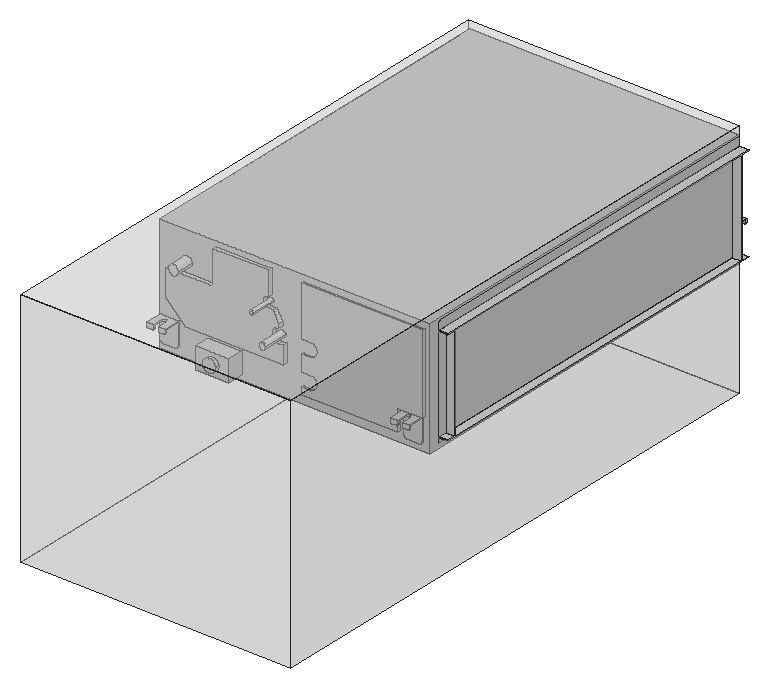
Revit family "outputfile", category 機械設備, Revit 2024
Family settings
  丸型コネクタ寸法 = 半径を使用
  パーツ タイプ = 標準
  OmniClass 番号 = 23.75.10.24.21.27.27
  OmniClass タイトル = Split System Air Conditioning Units
  作業面ベース = いいえ
  常に垂直 = はい
  ロード時にボイドで切り取り = いいえ
  注釈の向きを維持 = いいえ
  共有 = いいえ
  部屋計算ポイント = はい
Parameters (values of type "FXMQ80PAV4")
  Description = ""
  製造元 = "Daikin"
  書き出し IFC クラス(タイプ) = "IfcUnitaryEquipmentType"
  定義済み IFC タイプ(タイプ) = "AIRCONDITIONINGUNIT"
  Cost = 0
  モデル = "FXMQ80PAV4"
  Type Comments = ""
  Keynote = ""
  Type Image = (empty or 0)
  Assembly Code = ""
  r_Liquid Pipe Size = Liquid Pipe Size / 2  # 4.75 mm
  r_Gas Pipe Size = Gas Pipe Size / 2  # 7.95 mm
  r_Drain Pipe Size = Drain Pipe Size / 2  # 12.5 mm
  lw_power = 396.0 mm  # constant formula
  lh_SA = 165.0 mm  # constant formula
  lw_SA = if(Depth = 550.0 mm, 210.0 mm, if(Depth = 700.0 mm, 285.0 mm, if(Depth = 1000.0 mm, 435.0 mm, 635.0 mm)))  # 435.0 mm
  lw_RA = if(Depth = 550.0 mm, 288.0 mm, if(Depth = 700.0 mm, 363.0 mm, if(Depth = 1000.0 mm, 513.0 mm, 713.0 mm)))  # 513.0 mm
  lh_power = 60.0 mm + [h***]  # 60.0 mm
  lh_mountinghole1 = lh_mountinghole + [h***]  # 80.0 mm
  lh_RA = 150.0 mm  # constant formula
  ld_power = Depth / 2  # 500.0 mm
  Voltage_comment_60Hz = "220"
  Voltage_comment_50Hz = "220-240"
  Voltage_60Hz = 220 V
  Voltage_50Hz = 220 V
  URL = ""
  Supply Air Direction [instance] = yes
  Sound Power Level_H speed (dB) = 61
  Phase_60Hz = 1
  Phase_50Hz = 1
  Minimum External Static Pressure = 50.00 Pa
  Minimum Circuit Amps_60Hz = 2.3 A
  Minimum Circuit Amps_50Hz = 2.3 A
  Maximum Fuse Amps_60Hz = 16.0 A
  Maximum Fuse Amps_50Hz = 16.0 A
  Maximum External Static Pressure = 200.00 Pa
  Material_Casing = DAIKIN_GalvanizedSteel_Casing_indoorunit
  lw_mountinghole = 631.0 mm  # constant formula
  lh_gaspipe = 144.0 mm + [h***]  # 144.0 mm
  lh_mountinghole = 80.0 mm  # constant formula
  lh_liquidpipe = 212.0 mm + [h***]  # 212.0 mm
  lh_drainpipe = 232.0 mm + [h***]  # 232.0 mm
  lh_antena = Height - lh_mountinghole + 1.0 mm  # 221.0 mm
  ld_drainpipe = Depth / 2 + 54.0 mm  # 554.0 mm
  ld_liquidpipe = 565.0 mm
  ld_gaspipe = 565.0 mm
  ld_mountinghole = Depth + 38.0 mm  # 1038.0 mm
  h*** = 0.0 mm  # constant formula
  lw_liquidpipe = 290.0 mm  # constant formula
  lw_gaspipe = 318.0 mm  # constant formula
  lw_drainpipe = 80.0 mm  # constant formula
  Width = 700.0 mm
  Version = "ver.1.0"
  Unit Type = "Middle-High Static Pressure Duct Type"
  Unit Mass Weight = 35.00 kg
  Unit Designation [instance] = ""
  Uniclass2015Version = "Products v1.30"
  Uniclass2015Title = "Variable refrigerant flow units"
  Uniclass2015Code = "Pr_70_65_03_94"
  Total Heating Capacity [instance] = 0.000 kW
  Total Cooling Capacity [instance] = 0.000 kW
  Sound Pressure Level_M speed (dBA) = 0
  Sound Pressure Level_L speed (dBA) = 39
  Sound Pressure Level_H speed (dBA) = 43
  Series = "VRV Fan Coil Unit"
  Sensible Cooling Capacity [instance] = 0.000 kW
  SA Duct Size Width = if(Depth = 550.0 mm, 310.0 mm, if(Depth = 700.0 mm, 460.0 mm, if(Depth = 1000.0 mm, 760.0 mm, 1160.0 mm)))  # 760.0 mm
  SA Duct Size Height = 215.0 mm
  Refrigerant Type = "R410A"
  RA Duct Size Width = if(Depth = 550.0 mm, 475.0 mm, if(Depth = 700.0 mm, 625.0 mm, if(Depth = 1000.0 mm, 925.0 mm, 1325.0 mm)))  # 925.0 mm
  RA Duct Size Height = 247.0 mm
  Power Input (Heating) = 0.286 kW
  Power Input (Cooling) = 0.298 kW
  Option Accessory 3 [instance] = ""
  Option Accessory 2 [instance] = ""
  Option Accessory 1 [instance] = ""
  Nominal Heating Capacity = 10.000 kW
  Nominal Cooling Capacity = 9.000 kW
  Minimum Airflow = 1200.00 m³/h
  Median Airflow = 1350.00 m³/h
  Maximum Airflow = 1500.00 m³/h
  Load Classification = HVAC
  Liquid Pipe Size = 9.5 mm
  Link_Nested Family [instance] = ""
  IfcVersion = "0"
  IfcExportType = "AIRCONDITIONINGUNIT"
  IfcExportAs = "IfcUnitaryEquipmentType"
  Height = 300.0 mm
  Heating Entering Wet Bulb Temperature [instance] = 0.00 °C
  Heating Entering Dry Bulb Temperature [instance] = 0.00 °C
  Heating Ambient Wet Bulb Temperature [instance] = 0.00 °C
  Heating Ambient Dry Bulb Temperature [instance] = 0.00 °C
  Heat Exchanger Type = "Cross Fin Coil"
  Gas Pipe Size = 15.9 mm
  Frequency_60Hz = 60 Hz
  Frequency_50Hz = 50 Hz
  Fan Type = "Sirocco Fan"
  Fan Drive = "Direct Drive"
  FCU Tag No. [instance] = ""
  Drain Pipe Size = 25.0 mm
  Design Supply Airflow [instance] = 0.00 m³/h
  Design Return Airflow [instance] = 0.00 m³/h
  Design External Static Pressure [instance] = 0.00 Pa
  Depth = 1000.0 mm
  既定の高さ = 0.0 mm
  Cooling Entering Wet Bulb Temperature [instance] = 0.00 °C
  Cooling Entering Dry Bulb Temperature [instance] = 0.00 °C
  Cooling Ambient Wet Bulb Temperature [instance] = 0.00 °C
  Cooling Ambient Dry Bulb Temperature [instance] = 0.00 °C
  Clearance visibility [instance] = yes
  Clearance Top = 20.0 mm
  Clearance Right = 0.0 mm
  Clearance Rear = 0.0 mm
  Clearance Left = 0.0 mm
  Clearance Front = 450.0 mm
  Clearance Bottom = 300.0 mm
Reference planes
  plane 1 "Center (Front/Back)": y = 0
  plane 2 "h": z = 0
  plane 3 "Center (Left/Right)": x = 0
  plane 4 "Back": y = 500
  plane 5 "Front": y = -500
  plane 6 "Left": x = -350
  plane 7 "Reight": x = 350
  plane 8 "Top": z = 0
  plane 9 "Bottom": z = -300
  plane 10: y = -215
  plane 11: y = 500
  plane 12: y = -950
  plane 13: x = -350
  plane 14: x = 350
  plane 15: z = 20
  plane 16: z = -600
  plane 17: x = -350
  plane 18: z = -135
  plane 19: x = -349
  plane 20: x = 349
  plane 21: y = 65
  plane 22: y = 13
  plane 23: z = -150
  plane 24: y = -510.8
  plane 25: z = -14
  plane 26: z = -219
  plane 27: x = -324
  plane 28: x = -60
  plane 29: x = -20
  plane 30: z = -156
  plane 31: x = -32
  plane 32: z = -88
  plane 33: x = 23
  plane 34: x = 335
  plane 35: z = -15.8
  plane 36: z = -274.8
  plane 37: z = -219.8
  plane 38: x = 271
  plane 39: x = -223.3
  plane 40: x = -138.3
  plane 41: z = -232.7
  plane 42: z = -288.5
  plane 43: y = -541
  plane 44: x = -181
  plane 45: z = -260
  plane 46: y = -551
  plane 47: z = -163.8
  plane 48: z = -239.8
  plane 49: x = 46
  plane 50: z = -88
  plane 51: x = -60
  plane 52: y = -565
  plane 53: z = -156
  plane 54: x = -32
  plane 55: y = -554
  plane 56: z = -68
  plane 57: x = -270
  plane 58: x = -270
  plane 59: x = -60
  plane 60: x = -32
  plane 61: x = 46
  plane 62: x = -323
  plane 63: x = 308
  plane 64: y = -519
  plane 65: y = 519
  plane 66: z = -220
  plane 67: y = -506
  plane 68: x = -204
  plane 69: z = -100.2
  plane 70: x = -374
  plane 71: x = 374
Forms (mm)
  Extrusion 1, solid, material "DAIKIN_GalvanizedSteel_Casing_indoorunit" <- "Material_Casing"
    sketch origin (0, 0, 0) x (1, 0, 0) y (0, 1, 0)
      loop
        line (-349, 500) -> (-349, -500) -> (349, -500) -> (349, 500) -> (-349, 500)
    from -300 to 0
  Extrusion 2, solid, material "DAIKIN_GalvanizedSteel_Casing_indoorunit" <- "Material_Casing"
    sketch origin (0, 0, 0) x (1, 0, 0) y (0, 0, 1)
      loop
        line (-324, -100.2) -> (-324, -168) -> (-273, -219) -> (-20, -219) -> (-20, -173.5) -> (-32, -173.5)
        arc (-32, -173.5) -> (-49.5, -156) -> (-32, -138.5) r 17.5
        line (-32, -138.5) -> (-32, -127.5) -> (-47, -101) -> (-60, -101)
        arc (-60, -101) -> (-73, -88) -> (-60, -75) r 13
        line (-60, -75) -> (-60, -14) -> (-204, -14) -> (-204, -100.2) -> (-324, -100.2)
    from 500 to 510.8
  Extrusion 3, solid, material "DAIKIN_GalvanizedSteel_Casing_indoorunit" <- "Material_Casing"
    sketch origin (0, 0, 0) x (1, 0, 0) y (0, 0, 1)
      loop
        line (23, -274.8) -> (271, -274.8) -> (271, -219.8) -> (335, -219.8) -> (335, -15.8) -> (23, -15.8) -> (23, -146.3) -> (46, -146.3)
        arc (46, -146.3) -> (63.5, -163.8) -> (46, -181.3) r 17.5
        line (46, -181.3) -> (23, -181.3) -> (23, -222.3) -> (46, -222.3)
        arc (46, -222.3) -> (63.5, -239.8) -> (46, -257.3) r 17.5
        line (46, -257.3) -> (23, -257.3) -> (23, -274.8)
    from 500 to 506
  Extrusion 4, solid, material "DAIKIN_GalvanizedSteel_Casing_indoorunit" <- "Material_Casing"
    sketch origin (0, 0, 0) x (1, 0, 0) y (0, 0, 1)
      loop
        line (-223.3, -232.7) -> (-223.3, -288.5) -> (-138.3, -288.5) -> (-138.3, -232.7) -> (-223.3, -232.7)
    from 500 to 541
  Extrusion 5, solid, material "DAIKIN_GalvanizedSteel_Casing_indoorunit" <- "Material_Casing"
    sketch origin (0, 0, 0) x (1, 0, 0) y (0, 0, 1)
      loop
        circle (-181, -260) r 16.5
    from 541 to 551
  Extrusion 6, solid
    sketch origin (0, 0, 0) x (1, 0, 0) y (0, 0, 1)
      loop
        circle (-60, -88) r 4.75
    from 500 to 565
  Extrusion 7, solid
    sketch origin (0, 0, 0) x (1, 0, 0) y (0, 0, 1)
      loop
        circle (-32, -156) r 7.95
    from 500 to 565
  Extrusion 8, solid
    sketch origin (0, 0, 0) x (1, 0, 0) y (0, 0, 1)
      loop
        circle (-270, -68) r 12.5
    from 510.8 to 554
Dimensions and locks
  "Height": plane 8 "Top" to plane 9 "Bottom"
  equal spacing: plane 4 "Back", plane 1 "Center (Front/Back)", plane 5 "Front"
  "Depth": plane 4 "Back" to plane 5 "Front"
  equal spacing: plane 6 "Left", plane 3 "Center (Left/Right)", plane 7 "Reight"
  "Width": plane 6 "Left" to plane 7 "Reight"
  "Clearance Left": plane 13 to plane 6 "Left"
  "Clearance Right": plane 7 "Reight" to plane 14
  "Clearance Rear": plane 11 to plane 4 "Back"
  "Clearance Front": plane 5 "Front" to plane 12
  "Clearance Top": plane 15 to plane 8 "Top"
  "Clearance Bottom": plane 9 "Bottom" to plane 16
  "lh_SA": plane 18 to plane 9 "Bottom"
  locked: plane 17 to plane 19 at 1
  locked: plane 20 to plane 14 at 1
  "lw_SA": plane 11 to plane 21
  "lw_RA": plane 22 to plane 5 "Front"
  "lh_RA": plane 23 to plane 9 "Bottom"
  locked: plane 5 "Front" to plane 24 at 10.8
  plane 29 to plane 28 to plane 27 to plane 6 "Left" = 40.0 mm, 264.0 mm, 26.0 mm
  locked: plane 31 to plane 6 "Left" at 318
  plane 34 to plane 33 to plane 6 "Left" = 312.0 mm locked, 373.0 mm locked
  locked: plane 34 to plane 38 at 64
  locked: plane 37 to plane 36 at 55
  plane 40 to plane 39 to plane 6 "Left" = 85.0 mm locked, 126.7 mm locked
  locked: plane 5 "Front" to plane 43 at 41
  locked: plane 44 to plane 6 "Left" at 169
  locked: plane 43 to plane 46 at 10
  plane 47 to plane 48 to plane 36 = 76.0 mm locked, 35.0 mm locked
  locked: plane 49 to plane 33 at 23
  "lw_liquidpipe": plane 51 to plane 6 "Left"
  "lh_liquidpipe": plane 50 to plane 9 "Bottom"
  "lh_gaspipe": plane 53 to plane 9 "Bottom"
  "lw_gaspipe": plane 54 to plane 6 "Left"
  "ld_gaspipe": plane 52 to plane 1 "Center (Front/Back)"
  "ld_drainpipe": plane 55 to plane 1 "Center (Front/Back)"
  "lh_drainpipe": plane 56 to plane 9 "Bottom"
  "lw_drainpipe": plane 57 to plane 6 "Left"
  "lw_drainpipe": plane 6 "Left" to plane 58
  "lw_liquidpipe": plane 6 "Left" to plane 59
  "lw_gaspipe": plane 6 "Left" to plane 60
  "lw_power": plane 6 "Left" to plane 61
  plane 17 to plane 62 = 27.0 mm
  "lw_mountinghole": plane 62 to plane 63
  equal spacing: plane 64, plane 1 "Center (Front/Back)", plane 65
  "ld_mountinghole": plane 65 to plane 64
  "lh_mountinghole": plane 66 to plane 9 "Bottom"
  plane 8 "Top" to plane 41 to plane 42 = 232.7 mm locked, 55.8 mm locked
  locked: plane 8 "Top" to plane 45 at 260
  plane 8 "Top" to plane 25 to plane 26 = 14.0 mm locked, 205.0 mm locked
  plane 8 "Top" to plane 32 to plane 30 = 88.0 mm locked, 68.0 mm locked
  plane 8 "Top" to plane 35 to plane 36 = 15.8 mm locked, 259.0 mm locked
  locked: plane 5 "Front" to plane 67 at 6
  locked: plane 25 to plane 69 at 86.2
  locked: plane 27 to plane 68 at 120
  locked: plane 70 to plane 6 "Left" at 24
  locked: plane 14 to plane 71 at 24
  "r_Liquid Pipe Size": radius of Extrusion 6 sketch curve
  "r_Gas Pipe Size": radius of Extrusion 7 sketch curve
  "r_Drain Pipe Size": radius of Extrusion 8 sketch curve
  aligned and locked: level to plane 2 "h"
  aligned and locked: plane 8 "Top" to Extrusion 1
  aligned and locked: Extrusion 1 to plane 9 "Bottom"
  aligned and locked: nested 5 to plane 12
  aligned and locked: plane 13 to nested 5
  aligned and locked: plane 14 to nested 5
  aligned and locked: nested 5 to plane 13
  aligned and locked: plane 11 to nested 5
  aligned and locked: plane 15 to nested 5
  aligned and locked: plane 16 to nested 5
  aligned and locked: plane 5 "Front" to Extrusion 1 sketch curve
  aligned and locked: Extrusion 1 to plane 19
  aligned and locked: plane 20 to Extrusion 1
  aligned and locked: nested 7 to plane 19
  aligned and locked: nested 7 to plane 21
  aligned and locked: plane 18 to nested 7
  aligned and locked: plane 20 to nested 8
  aligned and locked: plane 22 to nested 8
  aligned and locked: plane 23 to nested 8
  aligned and locked: Extrusion 2 to plane 24
  aligned and locked: plane 5 "Front" to Extrusion 2
  aligned and locked: plane 36 to Extrusion 3 sketch curve
  aligned and locked: plane 38 to Extrusion 3 sketch curve
  aligned and locked: plane 37 to Extrusion 3 sketch curve
  aligned and locked: Extrusion 3 sketch curve to plane 34
  aligned and locked: Extrusion 3 sketch curve to plane 35
  aligned and locked: Extrusion 3 sketch curve to plane 33
  aligned and locked: plane 5 "Front" to Extrusion 3
  aligned and locked: Extrusion 4 sketch curve to plane 41
  aligned and locked: Extrusion 4 sketch curve to plane 39
  aligned and locked: plane 42 to Extrusion 4 sketch curve
  aligned and locked: plane 40 to Extrusion 4 sketch curve
  aligned and locked: Extrusion 4 to plane 43
  aligned and locked: plane 5 "Front" to Extrusion 4
  aligned and locked: Extrusion 5 sketch curve to plane 44
  aligned and locked: plane 45 to Extrusion 5 sketch curve
  aligned and locked: Extrusion 5 to plane 46
  aligned and locked: plane 43 to Extrusion 5
  aligned and locked: Extrusion 6 sketch curve to plane 51
  aligned and locked: plane 50 to Extrusion 6 sketch curve
  aligned and locked: Extrusion 6 to plane 52
  aligned and locked: plane 5 "Front" to Extrusion 6
  aligned and locked: Extrusion 7 sketch curve to plane 54
  aligned and locked: plane 53 to Extrusion 7 sketch curve
  aligned and locked: Extrusion 7 to Extrusion 6
  aligned and locked: plane 5 "Front" to Extrusion 7
  aligned and locked: Extrusion 8 sketch curve to plane 57
  aligned and locked: plane 56 to Extrusion 8 sketch curve
  aligned and locked: Extrusion 8 to plane 55
  aligned and locked: plane 24 to Extrusion 8
  aligned and locked: nested 3 to plane 55
  aligned and locked: plane 58 to nested 3
  aligned and locked: nested 2 to plane 59
  aligned and locked: nested 2 to plane 52
  aligned and locked: nested 1 to plane 60
  aligned and locked: Extrusion 7 to plane 52
  aligned and locked: nested 1 to plane 52
  aligned and locked: nested 6 to plane 5 "Front"
  aligned and locked: nested 6 to plane 61
  aligned and locked: plane 62 to nested 10
  aligned and locked: nested 10 to plane 5 "Front"
  aligned and locked: plane 63 to nested 9
  aligned and locked: nested 9 to plane 5 "Front"
  aligned and locked: nested 11 to plane 62
  aligned and locked: plane 4 "Back" to nested 11
  aligned and locked: nested 12 to plane 63
  aligned and locked: plane 4 "Back" to nested 12
  aligned and locked: plane 66 to nested 10
  aligned and locked: plane 66 to nested 11
  aligned and locked: plane 66 to nested 9
  aligned and locked: plane 66 to nested 12
  aligned and locked: plane 62 to nested 14
  aligned and locked: nested 14 to plane 65
  aligned and locked: plane 63 to nested 13
  aligned and locked: nested 13 to plane 65
  aligned and locked: plane 63 to nested 16
  aligned and locked: plane 64 to nested 16
  aligned and locked: plane 64 to nested 15
  aligned and locked: plane 62 to nested 15
  aligned and locked: Extrusion 3 to plane 67
  aligned and locked: Extrusion 2 sketch curve to plane 68
  aligned and locked: plane 69 to Extrusion 2 sketch curve
  aligned and locked: nested 17 to plane 21
  aligned and locked: nested 17 to plane 70
  aligned and locked: plane 18 to nested 17
  aligned and locked: plane 22 to nested 18
  aligned and locked: plane 71 to nested 18
  aligned and locked: nested 18 to plane 23
  aligned and locked: nested 4 to plane 3 "Center (Left/Right)"
  aligned and locked: plane 1 "Center (Front/Back)" to nested 4
  aligned and locked: level to plane 8 "Top"
Automatic sketch dimensions
  plane 6 "Left" to Extrusion 1 sketch curve = 1.0 mm
  Extrusion 1 sketch curve to plane 7 "Reight" = 1.0 mm
  Extrusion 1 sketch curve to plane 4 "Back" = 0.0 mm
  Extrusion 3 sketch curve to plane 33 = 0.0 mm  (x2)
  Extrusion 3 sketch curve to plane 47 = 0.0 mm
  Extrusion 3 sketch curve to plane 49 = 0.0 mm  (x4)
  Extrusion 3 sketch curve to plane 48 = 0.0 mm
  Extrusion 3 sketch curve to plane 37 = 2.5 mm
  plane 23 to Extrusion 3 sketch curve = 3.7 mm
  plane 27 to Extrusion 2 sketch curve = 0.0 mm
  Extrusion 2 sketch curve to plane 26 = 0.0 mm
  Extrusion 2 sketch curve to plane 28 = 0.0 mm
  Extrusion 2 sketch curve to plane 31 = 0.0 mm
  Extrusion 2 sketch curve to plane 29 = 0.0 mm
  Extrusion 2 sketch curve to plane 30 = 0.0 mm
  Extrusion 2 sketch curve to plane 32 = 0.0 mm
  Extrusion 2 sketch curve to plane 25 = 0.0 mm
  Extrusion 2 sketch curve to Extrusion 2 sketch curve = 13.0 mm
  Extrusion 2 sketch curve to Extrusion 2 sketch curve = 17.5 mm
  plane 18 to Extrusion 2 sketch curve = 7.5 mm
  Extrusion 2 sketch curve to plane 58 = 3.0 mm
  Extrusion 2 sketch curve to plane 30 = 12.0 mm
  Extrusion 2 sketch curve to Extrusion 2 sketch curve = 0.8 mm
  radius of Extrusion 5 sketch curve = 16.5 mm
Nested families
  nested 1: "daikin_connector_rotate2" at (-32, 0, -156), length <- "ld_gaspipe", built-in parameter 1001364 <- "lh_gaspipe", radius <- "r_Gas Pipe Size", type "daikin_connector_rotate2"
    with radius 7.95 mm, length 565.0 mm, angle_vertical 90.00°
  nested 2: "daikin_connector_rotate2" at (-60, 0, -88), length <- "ld_liquidpipe", built-in parameter 1001364 <- "lh_liquidpipe", radius <- "r_Liquid Pipe Size", type "daikin_connector_rotate2"
    with radius 4.75 mm, length 565.0 mm, angle_vertical 90.00°
  nested 3: "daikin_connector_rotate2" at (-270, 0, -68), length <- "ld_drainpipe", built-in parameter 1001364 <- "lh_drainpipe", radius <- "r_Drain Pipe Size", type "daikin_connector_rotate2"
    with radius 12.5 mm, length 554.0 mm, angle_vertical 90.00°
  nested 4: "daikin_△_symbolicline" at (0, 0, 300) x (0, -1, 0) z (0, 0, 1), built-in parameter 1001364 <- "Height", visible <- "Supply Air Direction", type "daikin_△_symbolicline"
    with length 200.0 mm
  nested 5: "daikin_clearancespace" at (0, -225, -289.881), visible <- "Clearance visibility", show <- "Clearance visibility", Link_Nested Family <- "Link_Nested Family", type "daikin_clearancespace"
    with width 700.0 mm, show yes, height 620.0 mm, depth 1450.0 mm, Link_Nested Family ""
  nested 6: "daikin_connector_rotate2" at (46, 0, -240), built-in parameter 1001364 <- "lh_power", length <- "ld_power", type "daikin_connector_rotate2"
    with radius 10.0 mm, length 500.0 mm, angle_vertical 90.00°
  nested 7: "daikin_ductflange_FXMQ-PAV4_2" at (-349, 65, -135) x (0, -1, 0) z (0, 0, 1), type "daikin_ductflange_FXMQ-PAV4_2"
    with width 760.0 mm, w 1000.0 mm
  nested 8: "daikin_ductflange_FXMQ-PAV4_1" at (349, 13, -150) x (0, 1, 0) z (0, 0, 1), type "daikin_ductflange_FXMQ-PAV4_1"
    with width 925.0 mm, w 1000.0 mm
  nested 9: "daikin_hangerfixture_FXMQ-PAV4" at (308, -500, -220), type "daikin_hangerfixture_FXMQ-PAV4"
  nested 10: "daikin_hangerfixture_FXMQ-PAV4" at (-323, -500, -220), type "daikin_hangerfixture_FXMQ-PAV4"
  nested 11: "daikin_hangerfixture_FXMQ-PAV4" at (-323, 500, -220) x (-1, 0, 0) z (0, 0, 1), type "daikin_hangerfixture_FXMQ-PAV4"
  nested 12: "daikin_hangerfixture_FXMQ-PAV4" at (308, 500, -220) x (-1, 0, 0) z (0, 0, 1), type "daikin_hangerfixture_FXMQ-PAV4"
  nested 13: "daikin_mountinghole" at (308, 519, -300), h_mountinghole <- "lh_mountinghole1", l_antenna <- "lh_antena", Link_Nested Family <- "Link_Nested Family", type "daikin_mountinghole"
    with show yes, l_antenna 221.0 mm, h_mountinghole 80.0 mm, Link_Nested Family ""
  nested 14: "daikin_mountinghole" at (-323, 519, -300), h_mountinghole <- "lh_mountinghole1", l_antenna <- "lh_antena", Link_Nested Family <- "Link_Nested Family", type "daikin_mountinghole"
    with show yes, l_antenna 221.0 mm, h_mountinghole 80.0 mm, Link_Nested Family ""
  nested 15: "daikin_mountinghole" at (-323, -519, -300), h_mountinghole <- "lh_mountinghole1", l_antenna <- "lh_antena", Link_Nested Family <- "Link_Nested Family", type "daikin_mountinghole"
    with show yes, l_antenna 221.0 mm, h_mountinghole 80.0 mm, Link_Nested Family ""
  nested 16: "daikin_mountinghole" at (308, -519, -300), h_mountinghole <- "lh_mountinghole1", l_antenna <- "lh_antena", Link_Nested Family <- "Link_Nested Family", type "daikin_mountinghole"
    with show yes, l_antenna 221.0 mm, h_mountinghole 80.0 mm, Link_Nested Family ""
  nested 17: "daikin_connector_rotate2" at (-350, 65, -135) x (0, -1, 0) z (0, 0, 1), type "daikin_connector_rotate2"
    with radius 10.0 mm, length 24.0 mm, angle_vertical 90.00°
  nested 18: "daikin_connector_rotate2" at (350, 13, -150) x (0, 1, 0) z (0, 0, 1), type "daikin_connector_rotate2"
    with radius 10.0 mm, length 24.0 mm, angle_vertical 90.00°
Connectors
  piping at (-270, -554, -68), diameter 25, driven by "r_Drain Pipe Size"
    settings: on nested 3, index 3, connector inside diameter 609.6 mm, connector length 0.0 mm, flow factor 0, pipe flow 0.00 m³/h, pressure drop 0.0 Pa, fitting loss kfactor 0, connector angle 0.00°, fixture units 0, engagement length 0.0 mm, angle of deflection 0.00°, flow configuration 1, flow direction 2, fitting loss method 4, system type 16, joint type 0, gender type 0, connector reference index -1, connector utility 0, adjustable connector no, is connector primary yes, connector description "Condensate Drain Piping"
  piping at (-32, -565, -156), diameter 15.9, driven by "r_Gas Pipe Size"
    settings: on nested 1, index 4, connector inside diameter 609.6 mm, connector length 0.0 mm, flow factor 0, pipe flow 0.00 m³/h, pressure drop 0.0 Pa, fitting loss kfactor 0, connector angle 0.00°, fixture units 0, engagement length 0.0 mm, angle of deflection 0.00°, flow configuration 1, flow direction 2, fitting loss method 0, system type 29, joint type 0, gender type 0, connector reference index -1, connector utility 0, adjustable connector no, is connector primary no, connector description "Refrigerant Gas Piping"
  piping at (-60, -565, -88), diameter 9.5, driven by "r_Liquid Pipe Size"
    settings: on nested 2, index 5, connector inside diameter 609.6 mm, connector length 0.0 mm, flow factor 0, pipe flow 0.00 m³/h, pressure drop 0.0 Pa, fitting loss kfactor 0, connector angle 0.00°, fixture units 0, engagement length 0.0 mm, angle of deflection 0.00°, flow configuration 1, flow direction 1, fitting loss method 0, system type 29, joint type 0, gender type 0, connector reference index -1, connector utility 0, adjustable connector no, is connector primary no, connector description "Refrigerant Liquid Piping"
  electrical at (46, -500, -240), driven by "Load Classification"
    settings: on nested 6, index 6, voltage 0 V, apparent load 0 VA, apparent load phase1 0 VA, apparent load phase2 0 VA, apparent load phase3 0 VA, power factor 1, load classification "HVAC", number of poles 1, system type 30, power factor state 1, is connector primary yes, connector utility no, sub classification motor no, connector description "Power Supply"
  hvac at (-374, 65, -135), driven by "SA Duct Size Height", driven by "SA Duct Size Width"
    settings: on nested 17, index 7, duct flow 0.00 m³/h, flow factor 0, pres drop 0.00 Pa, loss coef 0, conn angle 0.00°, conn width 760.0 mm, conn height 215.0 mm, conn diameter 609.6 mm, duct sys type 1, conn prof type 1, flow config 0, flow direction 2, loss method 4, conn ref index -1, conn util no, is conn primary yes, conn desc "SA Duct"
  hvac at (374, 13, -150), driven by "RA Duct Size Height", driven by "RA Duct Size Width"
    settings: on nested 18, index 8, duct flow 0.00 m³/h, flow factor 0, pres drop 0.00 Pa, loss coef 0, conn angle 0.00°, conn width 925.0 mm, conn height 247.0 mm, conn diameter 609.6 mm, duct sys type 2, conn prof type 1, flow config 0, flow direction 1, loss method 4, conn ref index -1, conn util no, is conn primary no, conn desc "RA Duct"
Definition of nested family "daikin_clearancespace"
  Parameters (values of type "daikin_clearancespace")
    width [instance] = 1823.963 mm
    show [instance] = yes
    material = none
    height [instance] = 1359.762 mm
    depth [instance] = 880.0 mm
    Default Elevation = 0.0 mm
    Link_Nested Family [instance] = ""
  Reference planes
    plane 1 "Center (Front/Back)": y = 0
    plane 2 "Center (Elevation)": z = -0.119
    plane 3 "Center (Left/Right)": x = 0
    plane 4: y = 440
    plane 5: y = -440
    plane 6 "Right": x = 911.982
    plane 7 "Left": x = -911.982
    plane 8 "Top": z = 679.762
    plane 9 "Bottom": z = -680
  Forms (mm)
    Extrusion 1, solid, material <- "material", visible <- "show"
      sketch origin (0, 0, 0) x (1, 0, 0) y (0, 1, 0)
        loop
          line (-911.982, 440) -> (-911.982, -440) -> (911.982, -440) -> (911.982, 440) -> (-911.982, 440)
      from -680 to 679.762
  Lines and regions (mm)
    symbolic lines, visible <- "show"
      curve 1: line (911.982, 440, 0) -> (-911.982, 440, 0)
      curve 2: line (-911.982, 440, 0) -> (-911.982, -440, 0)
      curve 3: line (-911.982, -440, 0) -> (911.982, -440, 0)
      curve 4: line (911.982, -440, 0) -> (911.982, 440, 0)
      curve 5: line (911.982, 0, 679.762) -> (-911.982, 0, 679.762)
      curve 6: line (911.982, 0, -680) -> (911.982, 0, 679.762)
      curve 7: line (-911.982, 0, -680) -> (911.982, 0, -680)
      curve 8: line (-911.982, 0, 679.762) -> (-911.982, 0, -680)
      curve 9: line (0, 440, 679.762) -> (0, -440, 679.762)
      curve 10: line (0, -440, 679.762) -> (0, -440, -680)
      curve 11: line (0, 440, -680) -> (0, 440, 679.762)
      curve 12: line (0, -440, -680) -> (0, 440, -680)
  Dimensions and locks
    "width": plane 7 "Left" to plane 6 "Right"
    "depth": plane 4 to plane 5
    "height": plane 8 "Top" to plane 9 "Bottom"
    equal spacing: plane 7 "Left", plane 3 "Center (Left/Right)", plane 6 "Right"
    equal spacing: plane 4, plane 1 "Center (Front/Back)", plane 5
    equal spacing: plane 8 "Top", plane 2 "Center (Elevation)", plane 9 "Bottom"
    aligned and locked: level to plane 2 "Center (Elevation)"
    aligned and locked: Extrusion 1 sketch curve to plane 4
    aligned and locked: plane 7 "Left" to Extrusion 1 sketch curve
    aligned and locked: Extrusion 1 sketch curve to plane 5
    aligned and locked: Extrusion 1 sketch curve to plane 6 "Right"
    aligned and locked: plane 8 "Top" to Extrusion 1
    aligned and locked: curve 1 to Extrusion 1
    aligned and locked: curve 2 to Extrusion 1
    aligned and locked: curve 3 to Extrusion 1
    aligned and locked: curve 4 to Extrusion 1
    aligned and locked: curve 5 to Extrusion 1
    aligned and locked: curve 6 to Extrusion 1
    aligned and locked: curve 7 to Extrusion 1
    aligned and locked: curve 8 to Extrusion 1
    aligned and locked: curve 9 to Extrusion 1
    aligned and locked: curve 10 to Extrusion 1
    aligned and locked: curve 11 to Extrusion 1
    aligned and locked: curve 12 to Extrusion 1
    aligned and locked: Extrusion 1 to plane 9 "Bottom"
Definition of nested family "daikin_ductflange_FXMQ-PAV4_2"
  Parameters (values of type "daikin_ductflange_FXDSQ-AVM2")
    width = if(w = 550.0 mm, 310.0 mm, if(w = 700.0 mm, 460.0 mm, if(w = 1000.0 mm, 760.0 mm, 1160.0 mm)))  # 310.0 mm
    material = none
    height = 215.0 mm
    depth = 1.0 mm
    w = 550.0 mm
    Default Elevation = 0.0 mm
  Reference planes
    plane 1 "Center (Front/Back)": y = 0
    plane 2: z = 0
    plane 3 "Center (Left/Right)": x = 0
    plane 4: z = 107.5
    plane 5: z = -107.5
    plane 6: y = -25
    plane 7: z = 132.5
    plane 8: z = 108.5
    plane 9: y = -1
    plane 10: x = -177.5
    plane 11: x = 177.5
    plane 12: z = -132.5
    plane 13: z = -108.5
    plane 14: y = -1
    plane 15: x = 155
    plane 16: x = -155
    plane 17: x = 156
    plane 18: z = 106.5
    plane 19: z = -106.5
    plane 20: x = -156
    plane 21: z = 106.5
    plane 22: z = -106.5
    plane 23: y = -1
  Forms (mm)
    Extrusion 1, solid, material <- "material"
      sketch origin (0, 0, 0) x (0, 1, 0) y (0, 0, 1)
        loop
          line (-25, 107.5) -> (0, 107.5) -> (0, 132.5) -> (-1, 132.5) -> (-1, 108.5) -> (-25, 108.5) -> (-25, 107.5)
      from -177.5 to 177.5
    Extrusion 2, solid, material <- "material"
      sketch origin (0, 0, 0) x (0, 1, 0) y (0, 0, 1)
        loop
          line (-25, -107.5) -> (-25, -108.5) -> (-1, -108.5) -> (-1, -132.5) -> (0, -132.5) -> (0, -107.5) -> (-25, -107.5)
      from -177.5 to 177.5
    Extrusion 3, solid, material <- "material"
      sketch origin (0, 0, 0) x (1, 0, 0) y (0, 0, 1)
        loop
          line (155, 107.5) -> (155, -107.5) -> (177.5, -107.5) -> (177.5, -106.5) -> (156, -106.5) -> (156, 106.5) -> (177.5, 106.5) -> (177.5, 107.5) -> (155, 107.5)
      from 0 to 25
    Extrusion 4, solid, material <- "material"
      sketch origin (0, 0, 0) x (1, 0, 0) y (0, 0, 1)
        loop
          line (-177.5, 107.5) -> (-177.5, 106.5) -> (-156, 106.5) -> (-156, -106.5) -> (-177.5, -106.5) -> (-177.5, -107.5) -> (-155, -107.5) -> (-155, 107.5) -> (-177.5, 107.5)
      from 0 to 25
    Extrusion 5, solid, material <- "material"
      sketch origin (0, 0, 0) x (1, 0, 0) y (0, 0, 1)
        loop
          line (-177.5, 107.5) -> (-177.5, -107.5) -> (-155, -107.5) -> (-155, 107.5) -> (-177.5, 107.5)
        loop
          line (177.5, 107.5) -> (155, 107.5) -> (155, -107.5) -> (177.5, -107.5) -> (177.5, 107.5)
      from 0 to 1
  Cuts and joins
    joined: Extrusion 1, Extrusion 2, Extrusion 3, Extrusion 4, Extrusion 5
  Dimensions and locks
    plane 4 to level to plane 5 = 107.5 mm locked, 107.5 mm locked
    locked: plane 6 to plane 1 "Center (Front/Back)" at 25
    locked: plane 9 to plane 1 "Center (Front/Back)" at 1
    locked: plane 8 to plane 4 at 1
    locked: plane 11 to plane 15 at 22.5
    locked: plane 16 to plane 10 at 22.5
    locked: plane 17 to plane 15 at 1
    locked: plane 4 to plane 18 at 1
    locked: plane 19 to plane 5 at 1
    "width": plane 15 to plane 16
    plane 4 to plane 5 = 215.0 mm
    equal spacing: plane 15, plane 3 "Center (Left/Right)", plane 16
    locked: plane 16 to plane 20 at 1
    locked: plane 4 to plane 21 at 1
    locked: plane 22 to plane 5 at 1
    locked: plane 23 to plane 1 "Center (Front/Back)" at 1
    aligned and locked: level to plane 2
    aligned and locked: Extrusion 1 to plane 10
    aligned and locked: plane 11 to Extrusion 1
    aligned and locked: plane 5 to Extrusion 2
    aligned and locked: Extrusion 2 to plane 1 "Center (Front/Back)"
    aligned and locked: plane 15 to Extrusion 3 sketch curve
    aligned and locked: Extrusion 3 sketch curve to Extrusion 2  (x2)
    aligned and locked: Extrusion 3 sketch curve to plane 11
    aligned and locked: plane 6 to Extrusion 3
    aligned and locked: Extrusion 2 to plane 10
    aligned and locked: plane 11 to Extrusion 2
    aligned and locked: Extrusion 4 sketch curve to Extrusion 1  (x2)
    aligned and locked: plane 5 to Extrusion 4 sketch curve
    aligned and locked: Extrusion 4 sketch curve to plane 16
    aligned and locked: Extrusion 4 sketch curve to plane 22
    aligned and locked: plane 20 to Extrusion 4 sketch curve
    aligned and locked: plane 21 to Extrusion 4 sketch curve
    aligned and locked: Extrusion 4 to plane 1 "Center (Front/Back)"
    aligned and locked: plane 6 to Extrusion 4
    aligned and locked: Extrusion 5 sketch curve to Extrusion 1  (x4)
    aligned and locked: Extrusion 5 sketch curve to Extrusion 4  (x2)
    aligned and locked: Extrusion 5 sketch curve to Extrusion 3  (x2)
    aligned and locked: Extrusion 5 to plane 1 "Center (Front/Back)"
    aligned and locked: plane 23 to Extrusion 5
  Automatic sketch dimensions
    Extrusion 1 sketch curve to plane 6 = 0.0 mm
    Extrusion 1 sketch curve to plane 7 = 0.0 mm
    Extrusion 1 sketch curve to plane 9 = 0.0 mm
    Extrusion 1 sketch curve to plane 1 "Center (Front/Back)" = 0.0 mm
    Extrusion 1 sketch curve to plane 4 = 0.0 mm
    Extrusion 1 sketch curve to plane 8 = 0.0 mm
    Extrusion 2 sketch curve to plane 6 = 0.0 mm
    plane 12 to Extrusion 2 sketch curve = 0.0 mm
    Extrusion 2 sketch curve to plane 14 = 0.0 mm
    Extrusion 2 sketch curve to plane 1 "Center (Front/Back)" = 0.0 mm
    plane 13 to Extrusion 2 sketch curve = 0.0 mm
    Extrusion 2 sketch curve to plane 5 = 0.0 mm
    Extrusion 3 sketch curve to plane 17 = 0.0 mm
    Extrusion 3 sketch curve to plane 19 = 0.0 mm
    Extrusion 3 sketch curve to plane 18 = 0.0 mm
    Extrusion 3 sketch curve to plane 4 = 0.0 mm
    Extrusion 4 sketch curve to plane 10 = 0.0 mm
Definition of nested family "daikin_ductflange_FXMQ-PAV4_1"
  Parameters (values of type "daikin_ductflange_FXDSQ-AVM")
    width = if(w = 550.0 mm, 475.0 mm, if(w = 700.0 mm, 625.0 mm, if(w = 1000.0 mm, 925.0 mm, 1325.0 mm)))  # 475.0 mm
    material = none
    height = 247.0 mm
    depth = 1.0 mm
    w = 550.0 mm
    Default Elevation = 0.0 mm
  Reference planes
    plane 1 "Center (Front/Back)": y = 0
    plane 2: z = 0
    plane 3 "Center (Left/Right)": x = 0
    plane 4: z = 123.5
    plane 5: z = -123.5
    plane 6: y = -25
    plane 7: z = 146.5
    plane 8: z = 124.5
    plane 9: y = -1
    plane 10: x = -260
    plane 11: x = 260
    plane 12: z = -137
    plane 13: z = -124.5
    plane 14: y = -1
    plane 15: x = 237.5
    plane 16: x = -237.5
    plane 17: x = 238.5
    plane 18: z = 122.5
    plane 19: z = -122.5
    plane 20: x = -238.5
    plane 21: z = 122.5
    plane 22: z = -122.5
    plane 23: y = -1
  Forms (mm)
    Extrusion 1, solid, material <- "material"
      sketch origin (0, 0, 0) x (0, 1, 0) y (0, 0, 1)
        loop
          line (-25, 123.5) -> (0, 123.5) -> (0, 146.5) -> (-1, 146.5) -> (-1, 124.5) -> (-25, 124.5) -> (-25, 123.5)
      from -260 to 260
    Extrusion 2, solid, material <- "material"
      sketch origin (0, 0, 0) x (0, 1, 0) y (0, 0, 1)
        loop
          line (-25, -123.5) -> (-25, -124.5) -> (-1, -124.5) -> (-1, -137) -> (0, -137) -> (0, -123.5) -> (-25, -123.5)
      from -260 to 260
    Extrusion 3, solid, material <- "material"
      sketch origin (0, 0, 0) x (1, 0, 0) y (0, 0, 1)
        loop
          line (237.5, 123.5) -> (237.5, -123.5) -> (260, -123.5) -> (260, -122.5) -> (238.5, -122.5) -> (238.5, 122.5) -> (260, 122.5) -> (260, 123.5) -> (237.5, 123.5)
      from 0 to 25
    Extrusion 4, solid, material <- "material"
      sketch origin (0, 0, 0) x (1, 0, 0) y (0, 0, 1)
        loop
          line (-260, 123.5) -> (-260, 122.5) -> (-238.5, 122.5) -> (-238.5, -122.5) -> (-260, -122.5) -> (-260, -123.5) -> (-237.5, -123.5) -> (-237.5, 123.5) -> (-260, 123.5)
      from 0 to 25
    Extrusion 5, solid, material <- "material"
      sketch origin (0, 0, 0) x (1, 0, 0) y (0, 0, 1)
        loop
          line (-260, 123.5) -> (-260, -123.5) -> (-237.5, -123.5) -> (-237.5, 123.5) -> (-260, 123.5)
        loop
          line (260, 123.5) -> (237.5, 123.5) -> (237.5, -123.5) -> (260, -123.5) -> (260, 123.5)
      from 0 to 1
  Cuts and joins
    joined: Extrusion 1, Extrusion 2, Extrusion 3, Extrusion 4, Extrusion 5
  Dimensions and locks
    plane 4 to level to plane 5 = 123.5 mm, 123.5 mm
    locked: plane 6 to plane 1 "Center (Front/Back)" at 25
    locked: plane 9 to plane 1 "Center (Front/Back)" at 1
    locked: plane 8 to plane 4 at 1
    locked: plane 11 to plane 15 at 22.5
    locked: plane 16 to plane 10 at 22.5
    locked: plane 17 to plane 15 at 1
    locked: plane 4 to plane 18 at 1
    locked: plane 19 to plane 5 at 1
    "width": plane 15 to plane 16
    equal spacing: plane 15, plane 3 "Center (Left/Right)", plane 16
    locked: plane 16 to plane 20 at 1
    locked: plane 4 to plane 21 at 1
    locked: plane 22 to plane 5 at 1
    locked: plane 23 to plane 1 "Center (Front/Back)" at 1
    equal spacing: plane 4, level, plane 5
    locked: plane 7 to plane 4 at 23
    locked: plane 5 to plane 12 at 13.5
    locked: plane 1 "Center (Front/Back)" to plane 14 at 1
    locked: plane 5 to plane 13 at 1
    locked: plane 4 to plane 5 at 247
    aligned and locked: level to plane 2
    aligned and locked: Extrusion 1 to plane 10
    aligned and locked: plane 11 to Extrusion 1
    aligned and locked: plane 5 to Extrusion 2
    aligned and locked: Extrusion 2 to plane 1 "Center (Front/Back)"
    aligned and locked: plane 15 to Extrusion 3 sketch curve
    aligned and locked: Extrusion 3 sketch curve to Extrusion 2  (x2)
    aligned and locked: Extrusion 3 sketch curve to plane 11
    aligned and locked: plane 6 to Extrusion 3
    aligned and locked: Extrusion 2 to plane 10
    aligned and locked: plane 11 to Extrusion 2
    aligned and locked: Extrusion 4 sketch curve to Extrusion 1  (x2)
    aligned and locked: plane 5 to Extrusion 4 sketch curve
    aligned and locked: Extrusion 4 sketch curve to plane 16
    aligned and locked: Extrusion 4 sketch curve to plane 22
    aligned and locked: plane 20 to Extrusion 4 sketch curve
    aligned and locked: plane 21 to Extrusion 4 sketch curve
    aligned and locked: Extrusion 4 to plane 1 "Center (Front/Back)"
    aligned and locked: plane 6 to Extrusion 4
    aligned and locked: Extrusion 5 sketch curve to Extrusion 1  (x4)
    aligned and locked: Extrusion 5 sketch curve to Extrusion 4  (x2)
    aligned and locked: Extrusion 5 sketch curve to Extrusion 3  (x2)
    aligned and locked: Extrusion 5 to plane 1 "Center (Front/Back)"
    aligned and locked: plane 23 to Extrusion 5
  Automatic sketch dimensions
    Extrusion 1 sketch curve to plane 6 = 0.0 mm
    Extrusion 1 sketch curve to plane 7 = 0.0 mm
    Extrusion 1 sketch curve to plane 9 = 0.0 mm
    Extrusion 1 sketch curve to plane 1 "Center (Front/Back)" = 0.0 mm
    Extrusion 1 sketch curve to plane 4 = 0.0 mm
    Extrusion 1 sketch curve to plane 8 = 0.0 mm
    Extrusion 2 sketch curve to plane 6 = 0.0 mm
    plane 12 to Extrusion 2 sketch curve = 0.0 mm
    Extrusion 2 sketch curve to plane 14 = 0.0 mm
    Extrusion 2 sketch curve to plane 1 "Center (Front/Back)" = 0.0 mm
    plane 13 to Extrusion 2 sketch curve = 0.0 mm
    Extrusion 2 sketch curve to plane 5 = 0.0 mm
    Extrusion 3 sketch curve to plane 17 = 0.0 mm
    Extrusion 3 sketch curve to plane 19 = 0.0 mm
    Extrusion 3 sketch curve to plane 18 = 0.0 mm
    Extrusion 3 sketch curve to plane 4 = 0.0 mm
    Extrusion 4 sketch curve to plane 10 = 0.0 mm
Definition of nested family "daikin_hangerfixture_FXMQ-PAV4"
  Parameters (values of type "daikin_hangerfixture_FXMQ-PAVE")
    width = 48.0 mm
    material = none
    height = 65.0 mm
    depth = 45.0 mm
    Default Elevation = 0.0 mm
  Reference planes
    plane 1 "Center (Front/Back)": y = 0
    plane 2: z = 0
    plane 3 "Center (Left/Right)": x = 0
    plane 4: y = 417.146
    plane 5: y = -45
    plane 6: x = -24
    plane 7: x = 24
    plane 8: z = -2.3
    plane 9: z = -65
    plane 10: y = -2.3
    plane 11: z = -12
    plane 12: y = -42.7
  Forms (mm)
    Extrusion 1, solid, material <- "material"
      sketch origin (0, 0, 0) x (1, 0, 0) y (0, 1, 0)
        loop
          line (24, 0) -> (-24, 0) -> (-24, -45) -> (-6, -45) -> (-6, -19)
          arc (-6, -19) -> (0, -13) -> (6, -19) r 6
          line (6, -19) -> (6, -45) -> (24, -45) -> (24, 0)
      from 0 to -2.3
    Extrusion 2, solid, material <- "material"
      sketch origin (0, 0, 0) x (1, 0, 0) y (0, 0, 1)
        loop
          line (24, -55) -> (24, 0) -> (-24, 0) -> (-24, -55)
          arc (-24, -55) -> (-21.071, -62.071) -> (-14, -65) r 10
          line (-14, -65) -> (14, -65)
          arc (14, -65) -> (21.071, -62.071) -> (24, -55) r 10
      from 0 to 2.3
    Extrusion 3, solid, material <- "material"
      sketch origin (0, 0, 0) x (1, 0, 0) y (0, 0, 1)
        loop
          line (-6, -9) -> (-6, 0) -> (-24, 0) -> (-24, -9)
          arc (-24, -9) -> (-23.121, -11.121) -> (-21, -12) r 3
          line (-21, -12) -> (-9, -12)
          arc (-9, -12) -> (-6.879, -11.121) -> (-6, -9) r 3
        loop
          line (6, 0) -> (6, -9)
          arc (6, -9) -> (6.879, -11.121) -> (9, -12) r 3
          line (9, -12) -> (21, -12)
          arc (21, -12) -> (23.121, -11.121) -> (24, -9) r 3
          line (24, -9) -> (24, 0) -> (6, 0)
      from 42.7 to 45
  Cuts and joins
    joined: Extrusion 1, Extrusion 2, Extrusion 3
  Dimensions and locks
    "width": plane 6 to plane 7
    "depth": plane 5 to plane 1 "Center (Front/Back)"
    plane 2 to plane 8 = 2.3 mm
    "height": plane 2 to plane 9
    locked: plane 10 to plane 1 "Center (Front/Back)" at 2.3
    locked: plane 2 to plane 11 at 12
    locked: plane 12 to plane 5 at 2.3
    aligned and locked: level to plane 2
    aligned and locked: Extrusion 1 sketch curve to plane 1 "Center (Front/Back)"
    aligned and locked: plane 7 to Extrusion 1
    aligned and locked: Extrusion 1 to plane 6
    aligned and locked: Extrusion 1 to plane 5  (x2)
    aligned and locked: Extrusion 1 to plane 8
    aligned and locked: plane 2 to Extrusion 1
    aligned and locked: plane 2 to Extrusion 2 sketch curve
    aligned and locked: Extrusion 2 to plane 9
    aligned and locked: Extrusion 2 to plane 10
    aligned and locked: Extrusion 2 to plane 1 "Center (Front/Back)"
    aligned and locked: plane 2 to Extrusion 3 sketch curve  (x2)
    aligned and locked: Extrusion 3 to plane 11  (x2)
    aligned and locked: plane 12 to Extrusion 3
    aligned and locked: Extrusion 3 to plane 5
  Automatic sketch dimensions
    Extrusion 1 sketch curve to plane 6 = 0.0 mm
    Extrusion 1 sketch curve to plane 5 = 0.0 mm  (x2)
    Extrusion 1 sketch curve to plane 3 "Center (Left/Right)" = 0.0 mm
    Extrusion 1 sketch curve to plane 7 = 0.0 mm
    Extrusion 1 sketch curve to plane 3 "Center (Left/Right)" = 6.0 mm
    plane 1 "Center (Front/Back)" to Extrusion 1 sketch curve = 19.0 mm
    Extrusion 2 sketch curve to plane 7 = 0.0 mm
    Extrusion 2 sketch curve to plane 7 = 10.0 mm
    Extrusion 2 sketch curve to plane 8 = 52.7 mm
    plane 6 to Extrusion 2 sketch curve = 10.0 mm
    Extrusion 2 sketch curve to plane 6 = 0.0 mm
    Extrusion 3 sketch curve to plane 6 = 0.0 mm
    Extrusion 3 sketch curve to plane 7 = 0.0 mm
    Extrusion 3 sketch curve to Extrusion 3 sketch curve = 3.0 mm  (x2)
    Extrusion 3 sketch curve to plane 8 = 6.7 mm
    Extrusion 3 sketch curve to plane 3 "Center (Left/Right)" = 9.0 mm
    Extrusion 3 sketch curve to plane 3 "Center (Left/Right)" = 6.0 mm
    plane 3 "Center (Left/Right)" to Extrusion 3 sketch curve = 6.0 mm
    Extrusion 3 sketch curve to plane 7 = 3.0 mm
    Extrusion 3 sketch curve to plane 8 = 9.7 mm
Definition of nested family "daikin_connector_rotate2"
  Parameters (values of type "daikin_connector_rotate2")
    Default Elevation = 1219.2 mm
    show_face = no
    radius [instance] = 10.0 mm
    length [instance] = 600.0 mm
    d_surface = 10.0 mm
    angle_vertical [instance] = 90.00°
  Reference planes
    plane 1 "Center (Front/Back)": y = 0
    plane 2: z = 0
    plane 3 "Center (Left/Right)": x = 0
  Forms (mm)
    Extrusion 1, solid, visible <- "show_face"
      sketch origin (0, -600, 0) x (1, 0, 0) y (0, 0, 1)
        loop
          circle (0, 0) r 10
      from 0 to -10
  Lines and regions (mm)
    reference lines
      curve 1: line (0, 0, 0) -> (0, -600, 0)
    symbolic lines
      curve 2: circle (0, 0, 0) r 5 normal (0, 0, 1)
    model lines, visible <- "show_face"
      curve 3: line (0, 0, 0) -> (0, -600, 0)
  Dimensions and locks
    "length": curve 1 to curve 1
    "length": curve 3 to curve 3
    "d_surface": Extrusion 1 to Extrusion 1
    "radius": radius of Extrusion 1 sketch curve
    "angle_vertical": angle curve 1 to plane 1 "Center (Front/Back)"
    "angle_vertical": angle curve 3 to plane 1 "Center (Front/Back)"
    aligned and locked: level to plane 2
    aligned and locked: plane 1 "Center (Front/Back)" to curve 1
    aligned and locked: plane 2 to curve 1
    aligned and locked: plane 1 "Center (Front/Back)" to curve 2
    aligned and locked: plane 3 "Center (Left/Right)" to curve 2
    aligned and locked: plane 1 "Center (Front/Back)" to curve 3
    aligned and locked: plane 2 to curve 3
    aligned and locked: Extrusion 1 to Extrusion 1
  Automatic sketch dimensions
    Extrusion 1 sketch curve to level = 0.0 mm
    Extrusion 1 sketch curve to plane 3 "Center (Left/Right)" = 0.0 mm
    radius of curve 2 = 5.0 mm
Definition of nested family "daikin_△_symbolicline"
  Parameters (values of type "daikin_△_symbolicline")
    length [instance] = 200.0 mm
    Default Elevation = 0.0 mm
  Reference planes
    plane 1 "Center (Front/Back)": y = 0
    plane 2: z = 0
    plane 3 "Center (Left/Right)": x = 0
  Lines and regions (mm)
    symbolic lines
      curve 1: line (0, -173.205, 0) -> (100, 0, 0)
      curve 2: line (100, 0, 0) -> (-100, 0, 0)
      curve 3: line (-100, 0, 0) -> (0, -173.205, 0)
  Dimensions and locks
    equal spacing: curve 3, plane 3 "Center (Left/Right)", curve 2
    "length": curve 3 to curve 2
    "length": curve 3 to curve 3
    "length": curve 1 to curve 1
    aligned and locked: level to plane 2
    aligned and locked: curve 2 to plane 1 "Center (Front/Back)"
    aligned and locked: plane 3 "Center (Left/Right)" to curve 3
Definition of nested family "daikin_mountinghole"
  Parameters (values of type "daikin_mountinghole")
    Default Elevation = 1219.2 mm
    Type Comments = "mountinghole"
    show [instance] = yes
    material = none
    l_centerline = 100.0 mm
    l_antenna [instance] = 100.0 mm
    h_mountinghole [instance] = 0.0 mm
    d_circle = 30.0 mm
    Link_Nested Family [instance] = ""
  Reference planes
    plane 1 "Center (Front/Back)": y = 0
    plane 2: z = 0
    plane 3 "Center (Left/Right)": x = 0
    plane 4: y = 50
    plane 5: x = -50
    plane 6: x = 50
    plane 7: y = -50
    plane 8 "h_mountinghole": z = 0
    plane 9: z = 100
  Lines and regions (mm)
    model lines, detail levels fine
      curve 1: circle (0, 0, 0) r 15 normal (0, 0, 1)
      curve 2: line (-50, 0, 0) -> (50, 0, 0)
      curve 3: line (0, 50, 0) -> (0, -50, 0)
    symbolic lines, detail levels fine
      curve 4: circle (0, 0, 0) r 15 normal (0, 0, 1)
      curve 5: line (-50, 0, 0) -> (50, 0, 0)
      curve 6: line (0, 50, 0) -> (0, -50, 0)
    model lines
      curve 7: line (0, 0, 100) -> (0, 0, 0)
  Dimensions and locks
    equal spacing: plane 4, plane 1 "Center (Front/Back)", plane 7
    "l_centerline": plane 4 to plane 7
    equal spacing: plane 5, plane 3 "Center (Left/Right)", plane 6
    "l_centerline": plane 5 to plane 6
    "l_antenna": plane 9 to plane 8 "h_mountinghole"
    "h_mountinghole": plane 8 "h_mountinghole" to plane 2
    "d_circle": diameter of curve 1
    "d_circle": diameter of curve 4
    aligned and locked: level to plane 2
    aligned and locked: plane 1 "Center (Front/Back)" to curve 1
    aligned and locked: plane 3 "Center (Left/Right)" to curve 1
    aligned and locked: plane 1 "Center (Front/Back)" to curve 2
    aligned and locked: curve 3 to plane 3 "Center (Left/Right)"
    aligned and locked: plane 6 to curve 2
    aligned and locked: plane 5 to curve 2
    aligned and locked: plane 4 to curve 3
    aligned and locked: plane 7 to curve 3
    aligned and locked: plane 1 "Center (Front/Back)" to curve 4
    aligned and locked: plane 3 "Center (Left/Right)" to curve 4
    aligned and locked: plane 6 to curve 5
    aligned and locked: plane 5 to curve 5
    aligned and locked: plane 1 "Center (Front/Back)" to curve 5
    aligned and locked: plane 4 to curve 6
    aligned and locked: plane 7 to curve 6
    aligned and locked: curve 6 to plane 3 "Center (Left/Right)"
    aligned and locked: curve 7 to plane 3 "Center (Left/Right)"
    aligned and locked: plane 9 to curve 7
    aligned and locked: plane 8 "h_mountinghole" to curve 7
